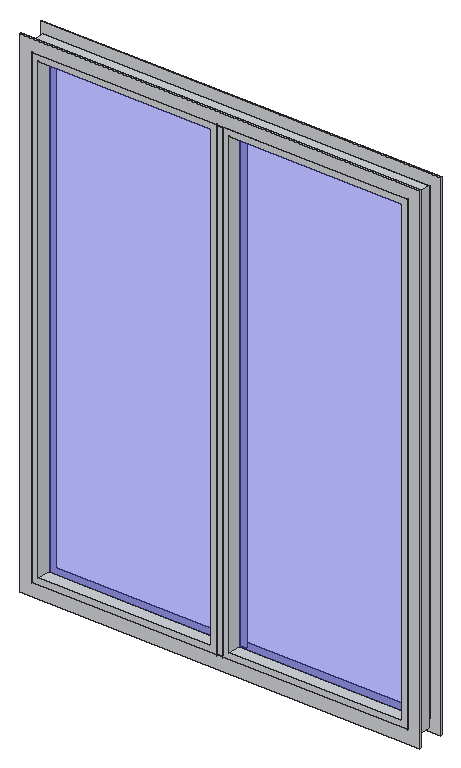
Revit family "8325S_Fixed Single Vertical Rail", category Windows, host Wall, Revit 2023
Family settings
  Host = Wall
  OmniClass Number = 23.30.20.00
  OmniClass Title = Windows
  Always vertical = Yes
  Cut with Voids When Loaded = No
  Shared = No
  Room Calculation Point = No
Parameters
  Left Bay Width (Rail Location) = 1' - 9 15/16"
  Height = 5' - 0"
  Glass Material = Glass
  Frame Material = none
  Depth From Exterior = 0' - 1"
  Default Sill Height = 3' - 0"
  Wall Closure = By host
  Width = 4' - 0"
Reference planes (in)
  plane 1 "Center (Front/Back)": y = 0
  plane 2: z = 0
  plane 3 "Center (Left/Right)": x = 0
  plane 4 "Left": x = -24
  plane 5 "Right": x = 24
  plane 6 "Sill": z = 36
  plane 7 "Top": z = 96
  plane 8: y = 2
  plane 9: y = 3
  plane 10: y = 0.28117
  plane 11: y = -1.25692
  plane 12: y = 2
  plane 13: y = -1.25692
  plane 14: x = 0.33332
  plane 15: x = 0.48094
  plane 16: x = 22.41844
  plane 17: x = -22.41844
  plane 18: y = 0.28117
  plane 19: y = -1.25401
  plane 20: y = 0.28117
  plane 21: y = -1.25401
Forms (in)
  Sweep 1, solid
    path origin (0, 0, 0) x (1, 0, 0) y (0, 0, 1)
      loop
        line (24, 36) -> (24, 96) -> (-24, 96) -> (-24, 36) -> (24, 36)
    profile origin (0, 0, 36) x (0, 0, -1) y (0, -1, 0)
      loop
        line (0, -2) -> (0, -1.875) -> (-1.31671, -1.875) -> (-1.31671, -1.15496) -> (-0.82575, -1.15496) -> (-0.82575, 0.41188) -> (-1.16331, 0.41188) -> (-1.16331, 0.62067) -> (-0.98652, 0.62067) -> (-0.98652, 0.94067) -> (-1.16331, 0.94067) -> (-1.16331, 1.13192) -> (0, 1.13192) -> (0, 1.25692) -> (-1.44174, 1.25692) -> (-1.44174, -1.37528) -> (-2.20628, -1.37528) -> (-1.58156, -2) -> (0, -2)
  Sweep 2, solid, material "Glass" <- "Glass Material"
    path origin (0, 0, 0) x (0, 1, 0) y (0, 0, 1)
      loop
        line (1.37528, 37.44174) -> (1.37528, 94.55826)
    profile origin (0, 1.37528, 66) x (0, -1, 0) y (1, 0, 0)
      loop
        line (0, -22.55826) -> (0.25, -22.55826) -> (0.25, 22.55826) -> (0, 22.55826) -> (0, -22.55826)
      loop
        line (0.75, -22.55826) -> (1, -22.55826) -> (1, 22.55826) -> (0.75, 22.55826) -> (0.75, -22.55826)
  Sweep 3, solid
    path origin (0, 0, 0) x (0, 1, 0) y (0, 0, 1)
      loop
        line (1.6567, 37.58156) -> (1.6567, 94.41844)
    profile origin (0, 1.6567, 66) x (0, -1, 0) y (1, 0, 0)
      loop
        line (0.28171, 1.10596) -> (-0.3433, 0.48094) -> (-0.3433, -0.49503) -> (0.28171, -1.12005) -> (0.28171, -0.34742) -> (2.91361, -0.34742) -> (2.91361, 0.33332) -> (0.28171, 0.33332) -> (0.28171, 1.10596)
  Sweep 4, solid
    path origin (0, 0, 0) x (1, 0, 0) y (0, 0, 1)
      loop
        line (-22.55826, 37.44174) -> (-0.34742, 37.44174) -> (-0.34742, 94.55826) -> (-22.55826, 94.55826) -> (-22.55826, 37.44174)
    profile origin (-11.45284, 0, 37.44174) x (0, 0, 1) y (0, -1, 0)
      loop
        line (0.75001, 1.25401) -> (0, 1.25401) -> (0, 0.55264) -> (0.36035, -0.01533) -> (0.36035, -0.28117) -> (0.75001, -0.28117) -> (0.75001, 1.25401)
  Sweep 5, solid
    path origin (0, 0, 0) x (1, 0, 0) y (0, 0, 1)
      loop
        line (0.33332, 37.44174) -> (22.55826, 37.44174) -> (22.55826, 94.55826) -> (0.33332, 94.55826) -> (0.33332, 37.44174)
    profile origin (11.44579, 0, 37.44174) x (0, 0, 1) y (0, -1, 0)
      loop
        line (0, 1.25401) -> (0, 0.55409) -> (0.36027, -0.01519) -> (0.36027, -0.28117) -> (0.75001, -0.28117) -> (0.75001, 1.25401) -> (0, 1.25401)
Lines and regions (in)
  Opening 1
    outline origin (-60, -3, 0) x (1, 0, 0) y (0, 0, 1)
      loop
        line (36, 96) -> (36, 36) -> (84, 36) -> (84, 96) -> (36, 96)
Text (in)
  text "EXTERIOR" at (-58.6888, 50.90694, 0), in view "Ref. Level"
  text "INTERIOR" at (-58.6888, -37.76638, 0), in view "Ref. Level"
  text "Exterior" at (0, 43.65631, 123.19604), in view "Left"
  text "Exterior" at (0, 18.29385, 125.04747), in view "Right"
Dimensions and locks (in)
  equal spacing: plane 4 "Left", plane 3 "Center (Left/Right)", plane 5 "Right"
  "Height": plane 6 "Sill" to plane 7 "Top"
  "Default Sill Height": plane 2 to plane 6 "Sill"
  "Width": plane 4 "Left" to plane 5 "Right"
  "Depth From Exterior": plane 9 to plane 8
  locked: plane 10 to plane 11 at 1.53809
  locked: plane 8 to plane 11 at 3.25692
  locked: plane 12 to plane 13 at 3.25692
  locked: plane 14 to plane 15 at 0.14762
  "Left Bay Width (Rail Location)": plane 15 to plane 16
  locked: plane 16 to plane 5 "Right" at 1.58156
  locked: plane 4 "Left" to plane 17 at 1.58156
  locked: plane 18 to plane 19 at 1.53518
  locked: plane 20 to plane 21 at 1.53518
  aligned and locked: plane 7 "Top" to Opening 1 sketch curve
  aligned and locked: plane 6 "Sill" to Opening 1 sketch curve  (x2)
  aligned and locked: plane 5 "Right" to Opening 1 sketch curve
  aligned and locked: plane 4 "Left" to Opening 1 sketch curve
  aligned and locked: level to plane 2
  aligned and locked: plane 6 "Sill" to Sweep 1 sketch curve
  aligned and locked: plane 4 "Left" to Sweep 1 sketch curve
  aligned and locked: Sweep 1 sketch curve to plane 7 "Top"
  aligned and locked: Sweep 1 sketch curve to plane 5 "Right"
  aligned and locked: Sweep 2 sketch curve to Sweep 1  (x5)
  aligned and locked: plane 9 to host wall
  aligned and locked: plane 8 to Sweep 1
  aligned and locked: plane 11 to Sweep 1
  aligned and locked: Sweep 1 to Sweep 3 sketch curve  (x2)
  aligned and locked: plane 13 to Sweep 3
  aligned and locked: plane 12 to Sweep 3
  aligned and locked: plane 12 to plane 8
  aligned and locked: plane 14 to Sweep 3
  aligned and locked: plane 15 to Sweep 3
  aligned and locked: plane 16 to Sweep 1
  aligned and locked: plane 17 to Sweep 1
  aligned and locked: Sweep 4 sketch curve to Sweep 1  (x3)
  aligned and locked: Sweep 4 sketch curve to Sweep 3
  aligned and locked: plane 18 to Sweep 4
  aligned and locked: plane 19 to Sweep 4
  aligned and locked: plane 10 to plane 18
  aligned and locked: Sweep 5 sketch curve to Sweep 1  (x3)
  aligned and locked: Sweep 5 sketch curve to Sweep 3
  aligned and locked: plane 20 to Sweep 5
  aligned and locked: plane 21 to Sweep 5
  aligned and locked: plane 20 to plane 18
Automatic sketch dimensions
  profile plane to Sweep 1 sketch curve = 0' - 2.20628"
  Sweep 1 sketch curve to Sweep 1 sketch curve = 0' - 0.76454"
  Sweep 1 sketch curve to Sweep 1 sketch curve = 0' - 0.12503"
  Sweep 1 sketch curve to Sweep 1 sketch curve = 0' - 0.27842"  (x2)
  Sweep 1 sketch curve to Sweep 1 sketch curve = 0' - 0.17679"
  Sweep 1 sketch curve to Sweep 1 sketch curve = 0' - 0.49095"
  Sweep 1 sketch curve to Sweep 1 sketch curve = 0' - 0.98652"
  Sweep 1 sketch curve to Sweep 1 sketch curve = 0' - 0.82575"
  Sweep 1 sketch curve to plane 1 "Center (Front/Back)" = 0' - 1 7/8"
  Sweep 1 sketch curve to Sweep 1 sketch curve = 0' - 0.49972"
  Sweep 1 sketch curve to Sweep 1 sketch curve = 0' - 0.22032"
  Sweep 1 sketch curve to Sweep 1 sketch curve = 0' - 1.56684"
  Sweep 1 sketch curve to Sweep 1 sketch curve = 0' - 0.20879"
  Sweep 1 sketch curve to Sweep 1 sketch curve = 0' - 0.32"
  Sweep 1 sketch curve to Sweep 1 sketch curve = 0' - 0.19125"
  Sweep 1 sketch curve to Sweep 1 sketch curve = 0' - 0 1/8"  (x2)
  Sweep 1 sketch curve to Sweep 1 sketch curve = 0' - 0.26485"
  Sweep 2 sketch curve to plane 6 "Sill" = 0' - 1.44174"
  plane 7 "Top" to Sweep 2 sketch curve = 0' - 1.44174"
  profile plane to Sweep 2 sketch curve = 0' - 0"
  Sweep 2 sketch curve to Sweep 2 sketch curve = 0' - 0 1/4"  (x2)
  Sweep 2 sketch curve to Sweep 2 sketch curve = 0' - 0 3/4"
  plane 8 to Sweep 3 sketch curve = 0' - 0.3433"
  profile plane to Sweep 3 sketch curve = 0' - 0.3433"
  Sweep 3 sketch curve to Sweep 3 sketch curve = 0' - 0 5/8"  (x3)
  Sweep 3 sketch curve to Sweep 3 sketch curve = 0' - 2.63191"
  Sweep 3 sketch curve to plane 3 "Center (Left/Right)" = 0' - 1.12005"
  Sweep 3 sketch curve to Sweep 3 sketch curve = 0' - 0.77262"
  Sweep 3 sketch curve to Sweep 3 sketch curve = 0' - 0.68074"
  Sweep 3 sketch curve to Sweep 3 sketch curve = 0' - 0.14762"
  Sweep 3 sketch curve to Sweep 3 sketch curve = 0' - 0.77264"
  profile plane to Sweep 4 sketch curve = 0' - 0"
  Sweep 4 sketch curve to Sweep 4 sketch curve = 0' - 0.36035"
  Sweep 4 sketch curve to Sweep 4 sketch curve = 0' - 0.38966"
  Sweep 4 sketch curve to plane 1 "Center (Front/Back)" = 0' - 0.28117"
  Sweep 4 sketch curve to Sweep 4 sketch curve = 0' - 1.53518"
  Sweep 4 sketch curve to Sweep 4 sketch curve = 0' - 0.26584"
  Sweep 4 sketch curve to Sweep 4 sketch curve = 0' - 0.56797"
  Sweep 5 sketch curve to profile plane = 0' - 0.36027"
  Sweep 5 sketch curve to Sweep 5 sketch curve = 0' - 0.38974"
  Sweep 5 sketch curve to plane 1 "Center (Front/Back)" = 0' - 0.28117"
  Sweep 5 sketch curve to Sweep 5 sketch curve = 0' - 0.26598"
  Sweep 5 sketch curve to Sweep 5 sketch curve = 0' - 1.26921"
  Sweep 5 sketch curve to Sweep 5 sketch curve = 0' - 0 3/4"
  Sweep 5 sketch curve to Sweep 5 sketch curve = 0' - 0.56929"
